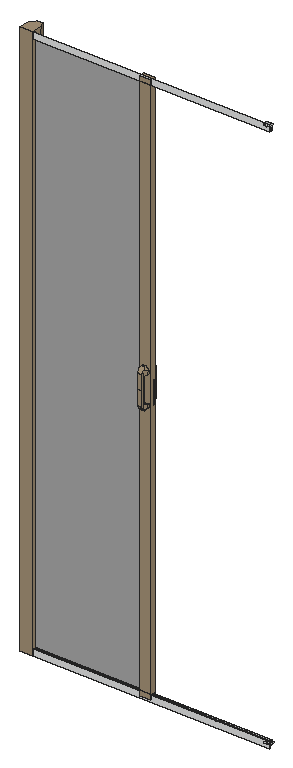
Revit family "Screen_Door_LegacySeries_PhantomScreen-1", category Doors, host Wall, Revit 2024
Family settings
  Host = Wall
  OmniClass Number = 23.30.60.21
  OmniClass Title = Insect Screens
  Always vertical = Yes
  Cut with Voids When Loaded = No
  Shared = No
  Room Calculation Point = No
Parameters (values of type "Type as Specified")
  URL = "http://www.phantomscreens.com/"
  Track Height = 0' - 0.931"
  Track Depth = 0' - 0.511"
  Specification = "http://www.phantomscreens.com/architects-designers/specifications-binder/"
  Slide Bar Width = 0' - 1.732"
  Slide Bar Depth = 0' - 0.866"
  Slide Bar = Dark Knotty Pine
  Sill Height = 0' - 1"
  Sill Depth = 0' - 1.54384"
  Sill [instance] = no
  Screen Thickness = 0' - 0 1/32"
  Screen = Phifer 20/20 Insect Mesh – Gray
  Sales Information = "http://www.phantomscreens.com/support/"
  Revision = "R1_08-2016"
  Product Properties = "http://www.phantomscreens.com/drive/uploads/2015/03/Legacy-Door-Design-Spec-Assembled-View.pdf"
  Product Data = "http://www.arcat.com/arcatcos/cos9540/arc40535.html"
  Percent Open [instance] = 50
  Model = "Legacy Series"
  Manufacturer Website = "http://www.phantomscreens.com/"
  Manufacturer Phone - Toll Free = ""
  Manufacturer Phone = "604-855-3654"
  Manufacturer Fax = "604-855-7834"
  Manufacturer Address = "30451 Simpson Rd.; Abbotsford; BC; Canada V2T 6C7"
  Manufacturer = "Phantom Screens"
  Keynote = "08 11 00"
  Installation-Fabrication = "http://www.phantomscreens.com/architects-designers/options/"
  Housing Width = 0' - 1 7/8"
  Housing Depth = 0' - 2 49/64"
  Handle Width = 0' - 1.266"
  Handle Height = 0' - 6.031"
  Handle Depth = 0' - 0 109/128"
  Function = Interior
  Height [instance] = 7' - 0"
  Wall Closure = By host
  Width [instance] = 3' - 0"
  Drawn By = "Sumex Design - Robert S Weygant"
  Door Opening [instance] = Width * (Percent Open / 100)  # 1' - 6"
  Description = "Phantom Screens Legacy Series Screen"
  Copyright = "� 2016 ARCAT Inc."
  Construction Details = "http://www.arcat.com/details/phantoms/95prod3445.html"
  Assembly Code = "B2020400"
  Aluminum Track = Aluminum - Flat
  Aluminum Housing = Dark Knotty Pine
Reference planes (in)
  plane 1 "Center (Front/Back)": y = 0
  plane 2 "Center (Left/Right)": x = -7.25
  plane 3 "Top": z = 84
  plane 4 "Exterior": y = 2.96884
  plane 5 "Interior": y = -3.03116
  plane 6: x = -27.125
  plane 7: z = 84.931
  plane 8: z = 0.931
  plane 9: y = 3.47984
  plane 10: y = 3.83484
  plane 11: y = 3.44859
  plane 12: x = -8.982
  plane 13 "Track Bar": x = -7.25
  plane 14: x = -25.25
  plane 15: y = 3.41734
  plane 16: y = 4.71756
  plane 17: x = 10.75
  plane 18: z = 1
  plane 19: y = 3.29405
  plane 20: y = 1.425
  plane 21: z = 42.5
  plane 22: z = 45.5155
  plane 23: z = 39.4845
  plane 24 "Handle Placement": x = -8.24596
  plane 25: x = 9.96875
  plane 26: y = 3.55502
  plane 27: y = 2.96884
  plane 28: y = 3.375
  plane 29: y = 5.48446
Forms (in)
  Extrusion 1, solid, material "Dark Knotty Pine" <- "Aluminum Housing"
    sketch origin (0, 0, 0) x (1, 0, 0) y (0, 1, 0)
      loop
        line (-27.125, 2.96884) -> (-25.25, 2.96884) -> (-25.25, 4.6231) -> (-25.74731, 5.48446) -> (-26.1875, 5.48446) -> (-26.66701, 5.48446) -> (-27.125, 4.6231) -> (-27.125, 2.96884)
    from 0 to 84.931
  Extrusion 2, solid, material "Dark Knotty Pine" <- "Slide Bar"
    sketch origin (0, 0, 0) x (1, 0, 0) y (0, 1, 0)
      loop
        line (-8.982, 3.83484) -> (-8.982, 2.96884) -> (-7.25, 2.96884) -> (-7.25, 3.64791) -> (-7.47277, 3.83484) -> (-8.982, 3.83484)
    from 1 to 84
  Extrusion 3, solid, material "Phifer 20/20 Insect Mesh – Gray" <- "Screen"
    sketch origin (0, 0, 0) x (1, 0, 0) y (0, 1, 0)
      loop
        line (-25.25, 3.44859) -> (-25.25, 3.41734) -> (-8.982, 3.41734) -> (-8.982, 3.44859) -> (-25.25, 3.44859)
    from 0.931 to 84
  Extrusion 4, solid, material "Aluminum - Flat" <- "Aluminum Track", visible <- "Sill"
    sketch origin (-7.25, 0, 0) x (0, 1, 0) y (0, 0, 1)
      loop
        line (1.44844, 1) -> (1.44844, 0.931) -> (2.91584, 0.86535) -> (2.91584, 0) -> (3.44078, 0) -> (3.44078, 0.08471) -> (2.99228, 0.08471) -> (2.99228, 0.931) -> (1.44844, 1)
    from -18 to 18
  Extrusion 5, solid, material "Aluminum - Flat"
    sketch origin (-7.25, 0, 0) x (0, 1, 0) y (0, 0, 1)
      loop
        line (3.47984, 84) -> (3.47984, 84.6095) -> (3.09384, 84.6095) -> (3.09384, 84.931) -> (2.96884, 84.931) -> (2.96884, 84) -> (3.09384, 84) -> (3.09384, 84.488) -> (3.35484, 84.488) -> (3.35484, 84) -> (3.47984, 84)
    from -18 to 18
  Extrusion 6, solid, material "Aluminum - Flat"
    sketch origin (-7.25, 0, 0) x (0, 1, 0) y (0, 0, 1)
      loop
        line (3.47984, 0.931) -> (3.35484, 0.931) -> (3.35484, 0.4365) -> (3.09384, 0.4365) -> (3.09384, 0.931) -> (2.96884, 0.931) -> (2.96884, 0) -> (3.09384, 0) -> (3.09384, 0.315) -> (3.47984, 0.315) -> (3.47984, 0.931)
    from -18 to 18
Text (in)
  text "Exterior" at (-62.02911, 27.31104, 0), in view "Ref. Level"
  text "Interior" at (-62.02911, -25.14366, 0), in view "Ref. Level"
  text "Exterior" at (0, 40.15149, 123.01588), in view "Right"
  text "Interior" at (0, -64.39139, 123.01588), in view "Right"
  text "Interior" at (0, -31.01599, 123.00693), in view "Left"
  text "Exterior" at (0, 54.57065, 123.00693), in view "Left"
Dimensions and locks (in)
  "Height": level to plane 3 "Top"
  "Track Height": plane 3 "Top" to plane 7
  "Track Height": level to plane 8
  "Track Depth": plane 9 to plane 4 "Exterior"
  "Slide Bar Depth": plane 10 to plane 4 "Exterior"
  "Screen Thickness": plane 9 to plane 11
  "Slide Bar Width": plane 12 to plane 13 "Track Bar"
  equal spacing: plane 14, plane 2 "Center (Left/Right)", plane 17
  "Screen Thickness": plane 15 to plane 11
  "Width": plane 14 to plane 17
  "Housing Width": plane 6 to plane 14
  "Door Opening": plane 13 "Track Bar" to plane 17
  "Sill Height": level to plane 18
  "Sill Depth": plane 4 "Exterior" to plane 20
  equal spacing: plane 22, plane 21, plane 23
  "Handle Height": plane 23 to plane 22
  locked: plane 13 "Track Bar" to plane 24 "Handle Placement" at 0.99596
  locked: plane 26 to plane 19 at 0.26097
  locked: plane 29 to host wall at 5.51563
  aligned and locked: plane 4 "Exterior" to host wall
  aligned and locked: plane 5 "Interior" to host wall
  aligned and locked: plane 6 to Extrusion 1 sketch curve
  aligned and locked: Extrusion 1 to level
  aligned and locked: Extrusion 1 to plane 7
  aligned and locked: plane 7 to Extrusion 1
  aligned and locked: plane 10 to Extrusion 2 sketch curve
  aligned and locked: plane 12 to Extrusion 2 sketch curve
  aligned and locked: Extrusion 2 sketch curve to plane 4 "Exterior"
  aligned and locked: Extrusion 2 sketch curve to plane 13 "Track Bar"
  aligned and locked: Extrusion 2 to plane 3 "Top"
  aligned and locked: plane 11 to Extrusion 3 sketch curve
  aligned and locked: Extrusion 3 sketch curve to plane 14
  aligned and locked: plane 15 to Extrusion 3 sketch curve
  aligned and locked: Extrusion 3 sketch curve to plane 12
  aligned and locked: Extrusion 3 to plane 3 "Top"
  aligned and locked: Extrusion 1 sketch curve to plane 4 "Exterior"
  aligned and locked: plane 18 to Extrusion 2
  aligned and locked: plane 24 "Handle Placement" to nested 1
  aligned and locked: Extrusion 2 to plane 10
  aligned and locked: nested 2 to plane 24 "Handle Placement"
  aligned and locked: nested 2 to Extrusion 2
  aligned and locked: nested 1 to plane 22
  aligned and locked: nested 2 to plane 23
  aligned and locked: plane 10 to nested 1
  aligned and locked: plane 3 "Top" to Extrusion 5 sketch curve
  aligned and locked: Extrusion 5 sketch curve to plane 7
  aligned and locked: plane 8 to Extrusion 6 sketch curve  (x2)
  aligned and locked: Extrusion 6 sketch curve to Extrusion 1
  aligned and locked: Extrusion 6 to plane 17
  aligned and locked: Extrusion 5 to plane 17
  aligned and locked: plane 14 to Extrusion 5
  aligned and locked: plane 14 to Extrusion 6
  aligned and locked: Extrusion 4 to plane 17
  aligned and locked: plane 14 to Extrusion 4
  aligned and locked: plane 27 to host wall
  aligned and locked: plane 4 "Exterior" to nested 4
  aligned and locked: nested 4 to Extrusion 6
  aligned and locked: nested 5 to plane 12
  aligned and locked: nested 5 to plane 13 "Track Bar"
  aligned and locked: plane 3 "Top" to nested 5
  aligned and locked: Extrusion 2 to plane 12
  aligned and locked: plane 13 "Track Bar" to Extrusion 2
  aligned and locked: nested 6 to Extrusion 2
  aligned and locked: nested 6 to plane 12
  aligned and locked: nested 6 to plane 10
  aligned and locked: plane 4 "Exterior" to nested 6
  aligned and locked: nested 5 to plane 10
  aligned and locked: plane 4 "Exterior" to nested 5
  aligned and locked: plane 4 "Exterior" to nested 3
  aligned and locked: plane 29 to Extrusion 1  (x2)
Automatic sketch dimensions
  Extrusion 2 sketch curve to plane 9 = 0' - 0.16807"
  Extrusion 2 sketch curve to Extrusion 2 sketch curve = 0' - 0.22277"
  plane 8 to Extrusion 4 sketch curve = 0' - 0"  (x2)
  plane 18 to Extrusion 4 sketch curve = 0' - 0"
  Extrusion 4 sketch curve to level = 0' - 0"
  plane 20 to Extrusion 4 sketch curve = 0' - 0 3/128"
  Extrusion 4 sketch curve to host wall = 0' - 0.053"
  host wall to Extrusion 4 sketch curve = 0' - 0 3/128"
  plane 11 to Extrusion 4 sketch curve = 0' - 0 1/128"
  level to Extrusion 4 sketch curve = 0' - 0.08471"
  plane 8 to Extrusion 4 sketch curve = 0' - 0.06565"
  Extrusion 5 sketch curve to Extrusion 5 sketch curve = 0' - 0 1/8"
  Extrusion 5 sketch curve to Extrusion 5 sketch curve = 0' - 0.1215"
  Extrusion 5 sketch curve to Extrusion 5 sketch curve = 0' - 0.3215"
  Extrusion 5 sketch curve to plane 9 = 0' - 0"
  Extrusion 5 sketch curve to plane 15 = 0' - 0 1/16"
  Extrusion 5 sketch curve to host wall = 0' - 0"
  Extrusion 5 sketch curve to Extrusion 5 sketch curve = 0' - 0"
  Extrusion 6 sketch curve to host wall = 0' - 0"
  Extrusion 6 sketch curve to plane 9 = 0' - 0"
  host wall to Extrusion 6 sketch curve = 0' - 0 1/8"
  Extrusion 6 sketch curve to Extrusion 6 sketch curve = 0' - 0"
  Extrusion 6 sketch curve to plane 15 = 0' - 0 1/16"
  level to Extrusion 6 sketch curve = 0' - 0.315"
  Extrusion 6 sketch curve to Extrusion 6 sketch curve = 0' - 0.1215"
  plane 3 "Top" to Extrusion 5 sketch curve = 0' - 0"
  Extrusion 1 sketch curve to plane 14 = 0' - 0"
  plane 6 to Extrusion 1 sketch curve = 0' - 0 15/16"
  plane 16 to Extrusion 1 sketch curve = 0' - 0.09446"  (x2)
  plane 6 to Extrusion 1 sketch curve = 0' - 0.45799"
  Extrusion 1 sketch curve to Extrusion 1 sketch curve = 0' - 0.44019"
  Extrusion 1 sketch curve to plane 29 = 0' - 0"
Nested families (in)
  nested 1: "Family4" at (-8.24596, 4.26062, 42.5) x (-1, 0, 0) z (0, 0, 1), type "Family4"
    with Width 0' - 1.266", Height 0' - 6.031", Depth 0' - 0 109/128"
  nested 2: "Family4" at (-8.24596, 2.54306, 42.5), type "Family4"
    with Width 0' - 1.266", Height 0' - 6.031", Depth 0' - 0 109/128"
  nested 3: "Track Latch Family" at (10.35937, 3.34384, 84.55481) x (-1, 0, 0) z (0, 0, 1), type "Track Latch Family"
  nested 4: "Lower Track Latch" at (10.35937, 3.33538, 0.4365) x (-1, 0, 0) z (0, 0, 1), type "Lower Track Latch"
  nested 5: "End Caps" at (-8.21484, 3.14023, 84), type "End Caps"
  nested 6: "End Caps" at (-8.21484, 3.14023, 0.25), type "End Caps"
Definition of nested family "Family4"
  Parameters
    Width = 0' - 1 1/2"
    Height = 0' - 6 1/32"
    Handle = none
    Depth = 0' - 1"
    Default Elevation = 0' - 0"
  Reference planes (in)
    plane 1 "Center (Front/Back)": y = 0
    plane 2: z = 0
    plane 3 "Center (Left/Right)": x = 0
    plane 4: y = 0.5
    plane 5: x = 0.75
    plane 6: y = -0.5
    plane 7: x = -0.75
    plane 8: z = 3.01562
    plane 9: z = -3.01563
  Forms (in)
    Extrusion 1, solid, material <- "Handle"
      sketch origin (0, 0, 0) x (0, 1, 0) y (0, 0, 1)
        loop
          line (0.5, 3.01562) -> (0.25, 3.01562) -> (-0.5, 2.26562) -> (-0.5, 0) -> (-0.5, -2.26563) -> (0.25, -3.01563) -> (0.5, -3.01563) -> (0.5, -2.01563) -> (0, -2.01563) -> (-0.17678, -1.83885) -> (-0.17678, 0) -> (-0.17678, 1.83885) -> (0, 2.01562) -> (0.5, 2.01562) -> (0.5, 3.01562)
      from -0.75 to 0.75
    Extrusion 2, void
      sketch origin (0, 0, 0) x (1, 0, 0) y (0, 1, 0)
        loop
          line (-0.75, 0.25) -> (-0.75, -0.5) -> (-0.32322, -0.5) -> (-0.32322, -0.25861) -> (-0.75, 0.25)
        loop
          line (0.32322, -0.25861) -> (0.32322, -0.5) -> (0.75, -0.5) -> (0.75, 0.25) -> (0.32322, -0.25861)
      from -3.01562 to 3.01562
    Extrusion 3, void
      sketch origin (0, 0, 0) x (1, 0, 0) y (0, 0, 1)
        loop
          line (-0.75, 2.51562) -> (-0.25, 3.01562) -> (-0.75, 3.01562) -> (-0.75, 2.51562)
        loop
          line (0.75, 2.51563) -> (0.75, 3.01563) -> (0.25, 3.01563) -> (0.75, 2.51563)
        loop
          line (-0.75, -2.51563) -> (-0.75, -3.01563) -> (-0.25, -3.01563) -> (-0.75, -2.51563)
        loop
          line (0.75, -2.51563) -> (0.25, -3.01563) -> (0.75, -3.01563) -> (0.75, -2.51563)
      from -0.5 to 0.5
  Cuts and joins
    Extrusion 2, Extrusion 3 cuts Extrusion 1
  Dimensions and locks (in)
    equal spacing: plane 7, plane 3 "Center (Left/Right)", plane 5
    equal spacing: plane 6, plane 1 "Center (Front/Back)", plane 4
    "Depth": plane 6 to plane 4
    "Width": plane 7 to plane 5
    equal spacing: plane 8, level, plane 9
    "Height": plane 8 to plane 9
    plane 1 "Center (Front/Back)" to Extrusion 1 = 0' - 0 1/2"
    aligned and locked: plane 2 to level
    aligned and locked: plane 7 to Extrusion 1
    aligned and locked: plane 5 to Extrusion 1
    aligned and locked: Extrusion 2 sketch curve to plane 6
    aligned and locked: plane 6 to Extrusion 2 sketch curve
    aligned and locked: plane 5 to Extrusion 2 sketch curve
    aligned and locked: Extrusion 2 sketch curve to plane 7
    aligned and locked: Extrusion 2 to plane 9
    aligned and locked: plane 8 to Extrusion 2
    aligned and locked: plane 4 to Extrusion 3
    aligned and locked: plane 6 to Extrusion 3
  Automatic sketch dimensions
    Extrusion 1 sketch curve to level = 0' - 0"  (x2)
    Extrusion 1 sketch curve to plane 1 "Center (Front/Back)" = 0' - 0"  (x2)
    Extrusion 1 sketch curve to plane 8 = 0' - 0"
    Extrusion 1 sketch curve to plane 4 = 0' - 0"  (x2)
    plane 1 "Center (Front/Back)" to Extrusion 1 sketch curve = 0' - 0.17678"
    Extrusion 1 sketch curve to Extrusion 1 sketch curve = 0' - 0 1/4"
    Extrusion 1 sketch curve to Extrusion 1 sketch curve = 0' - 1"
    Extrusion 1 sketch curve to Extrusion 1 sketch curve = 0' - 0.17678"  (x2)
    Extrusion 1 sketch curve to plane 8 = 0' - 1.17678"
    Extrusion 1 sketch curve to Extrusion 1 sketch curve = 0' - 0.42678"
    Extrusion 1 sketch curve to plane 9 = 0' - 0"
    Extrusion 1 sketch curve to plane 1 "Center (Front/Back)" = 0' - 0 1/4"
    plane 9 to Extrusion 1 sketch curve = 0' - 0 3/4"
    Extrusion 1 sketch curve to plane 6 = 0' - 0"
    Extrusion 2 sketch curve to plane 3 "Center (Left/Right)" = 0' - 0.32322"
    plane 3 "Center (Left/Right)" to Extrusion 2 sketch curve = 0' - 0.32322"
    plane 1 "Center (Front/Back)" to Extrusion 2 sketch curve = 0' - 0.25861"
    Extrusion 2 sketch curve to plane 1 "Center (Front/Back)" = 0' - 0 1/4"  (x2)
    Extrusion 2 sketch curve to Extrusion 2 sketch curve = 0' - 0.24139"
    plane 7 to Extrusion 3 sketch curve = 0' - 0"  (x2)
    Extrusion 3 sketch curve to plane 8 = 0' - 0"  (x2)
    Extrusion 3 sketch curve to plane 9 = 0' - 0"  (x2)
    Extrusion 3 sketch curve to plane 5 = 0' - 0"  (x2)
    Extrusion 3 sketch curve to plane 3 "Center (Left/Right)" = 0' - 0 1/4"  (x2)
    plane 3 "Center (Left/Right)" to Extrusion 3 sketch curve = 0' - 0 1/4"  (x2)
    plane 9 to Extrusion 3 sketch curve = 0' - 0 1/2"
    Extrusion 3 sketch curve to Extrusion 3 sketch curve = 0' - 0 1/2"
    Extrusion 3 sketch curve to plane 8 = 0' - 0 1/2"  (x2)
Definition of nested family "Track Latch Family"
  Parameters
    Width = 0' - 0 25/32"
    Upper Latch = none
    Default Elevation = 0' - 0"
  Reference planes (in)
    plane 1 "Center (Front/Back)": y = 0
    plane 2: z = 0
    plane 3 "Center (Left/Right)": x = 0
    plane 4: z = 0.34375
    plane 5: x = 0.39063
    plane 6: x = -0.39062
    plane 7: y = 0.375
    plane 8: y = -0.375
  Forms (in)
    Extrusion 1, solid, material <- "Upper Latch"
      sketch origin (0, 0, 0.05469) x (1, 0, 0) y (0, 0, 1)
        loop
          line (-0.39062, 0.28906) -> (-0.39062, 0) -> (0.01899, 0) -> (0.01899, -0.0619) -> (0.39063, 0) -> (0.39063, 0.28906) -> (-0.39062, 0.28906)
      from -0.375 to 0.375
    Extrusion 2, void
      sketch origin (0, 0, 0) x (0, 1, 0) y (0, 0, 1)
        loop
          arc (-0.375, 0.09707) -> (-0.2114, 0.25673) -> (0, 0.34375) r 0.60095
          line (0, 0.34375) -> (-0.375, 0.34375) -> (-0.375, 0.09707)
      from -0.39062 to 0.39062
    Extrusion 3, void
      sketch origin (0, 0, 0) x (1, 0, 0) y (0, 0, 1)
        loop
          line (-0.32812, 0.34375) -> (-0.32812, 0.13527) -> (-0.07812, 0.13527) -> (-0.07812, 0.34375) -> (-0.32812, 0.34375)
        loop
          line (0.0373, 0.34375) -> (0.0373, 0.13527) -> (0.28915, 0.13527) -> (0.28915, 0.34375) -> (0.0373, 0.34375)
      from -0.28879 to 0.375
  Cuts and joins
    Extrusion 2, Extrusion 3 cuts Extrusion 1
  Dimensions and locks (in)
    equal spacing: plane 5, plane 3 "Center (Left/Right)", plane 6
    "Width": plane 5 to plane 6
    equal spacing: plane 7, plane 1 "Center (Front/Back)", plane 8
    plane 7 to plane 8 = 0' - 0 3/4"
    aligned and locked: plane 2 to level
    aligned and locked: plane 7 to Extrusion 1
    aligned and locked: Extrusion 1 to plane 8
    aligned and locked: Extrusion 2 to plane 6
    aligned and locked: plane 5 to Extrusion 2
    aligned and locked: Extrusion 1 to Extrusion 3
  Automatic sketch dimensions
    Extrusion 1 sketch curve to plane 6 = 0' - 0"
    level to Extrusion 1 sketch curve = 0' - 0 7/128"  (x2)
    Extrusion 1 sketch curve to plane 5 = 0' - 0"
    plane 3 "Center (Left/Right)" to Extrusion 1 sketch curve = 0' - 0.01899"
    plane 4 to Extrusion 1 sketch curve = 0' - 0"
    Extrusion 1 sketch curve to level = 0' - 0.00721"
    Extrusion 2 sketch curve to plane 8 = 0' - 0"
    Extrusion 2 sketch curve to plane 1 "Center (Front/Back)" = 0' - 0"
    Extrusion 2 sketch curve to plane 4 = 0' - 0"
    Extrusion 2 sketch curve to plane 1 "Center (Front/Back)" = 0' - 0.11887"
    level to Extrusion 2 sketch curve = 0' - 0.09707"
    Extrusion 3 sketch curve to plane 4 = 0' - 0"  (x2)
    plane 6 to Extrusion 3 sketch curve = 0' - 0 1/16"
    Extrusion 3 sketch curve to plane 3 "Center (Left/Right)" = 0' - 0 5/64"
    plane 3 "Center (Left/Right)" to Extrusion 3 sketch curve = 0' - 0.0373"
    Extrusion 3 sketch curve to plane 5 = 0' - 0.10148"
    level to Extrusion 3 sketch curve = 0' - 0.13527"
    Extrusion 3 sketch curve to Extrusion 3 sketch curve = 0' - 0"
Definition of nested family "Lower Track Latch"
  Parameters
    Lower Latch = none
    Default Elevation = 0' - 0"
  Reference planes (in)
    plane 1 "Center (Front/Back)": y = 0
    plane 2: z = 0
    plane 3 "Center (Left/Right)": x = 0
    plane 4: z = 0.31094
    plane 5: x = -0.42075
    plane 6: x = 0.43863
    plane 7: y = -0.36654
    plane 8: y = 0.36654
  Forms (in)
    Extrusion 1, solid, material <- "Lower Latch"
      sketch origin (0, 0, 0) x (1, 0, 0) y (0, 0, 1)
        loop
          line (-0.42075, 0) -> (0.43863, 0) -> (0.43863, 0.12882) -> (0, 0.31094) -> (0, 0.12882) -> (-0.42075, 0.12882) -> (-0.42075, 0)
      from -0.36654 to 0.36654
  Dimensions and locks (in)
    plane 6 to plane 5 = 0' - 0 55/64"
    plane 6 to plane 3 "Center (Left/Right)" to plane 5 = 0' - 0.43863", 0' - 0.42075"
    plane 8 to plane 7 = 0' - 0.73308"
    equal spacing: plane 8, plane 1 "Center (Front/Back)", plane 7
    aligned and locked: plane 2 to level
    aligned and locked: Extrusion 1 to plane 3 "Center (Left/Right)"
    aligned and locked: Extrusion 1 to plane 5
    aligned and locked: plane 6 to Extrusion 1
    aligned and locked: Extrusion 1 to level
    aligned and locked: Extrusion 1 to plane 8
    aligned and locked: plane 7 to Extrusion 1
  Automatic sketch dimensions
    Extrusion 1 sketch curve to plane 5 = 0' - 0"
    Extrusion 1 sketch curve to plane 3 "Center (Left/Right)" = 0' - 0"
    Extrusion 1 sketch curve to plane 6 = 0' - 0"
    Extrusion 1 sketch curve to level = 0' - 0"
    Extrusion 1 sketch curve to plane 4 = 0' - 0"
    level to Extrusion 1 sketch curve = 0' - 0.12882"  (x2)
Definition of nested family "End Caps"
  Parameters
    End Caps = none
    Default Elevation = 0' - 0"
  Reference planes (in)
    plane 1 "Center (Front/Back)": y = 0
    plane 2: z = 0
    plane 3 "Center (Left/Right)": x = 0
    plane 4: y = 0.6946
    plane 5: x = 0.96484
    plane 6: y = -0.1714
    plane 7: x = -0.76716
    plane 8: z = 0.75
  Forms (in)
    Extrusion 1, solid, material <- "End Caps"
      sketch origin (0, 0, 0) x (1, 0, 0) y (0, 1, 0)
        loop
          line (-0.76716, 0.6946) -> (-0.76716, -0.1714) -> (0.96484, -0.1714) -> (0.96484, 0.47651) -> (0.70493, 0.6946) -> (-0.76716, 0.6946)
      from 0 to 0.75
  Lines and regions (in)
    model lines
      curve 1: line (-0.76716, 0.6946, 0) -> (0.70493, 0.6946, 0)
      curve 2: line (-0.76716, -0.1714, 0) -> (-0.76716, 0.6946, 0)
      curve 3: line (0.96484, -0.1714, 0) -> (-0.76716, -0.1714, 0)
      curve 4: line (0.96484, 0.47651, 0) -> (0.96484, -0.1714, 0)
      curve 5: line (0.96484, 0.47651, 0) -> (0.70493, 0.6946, 0)
  Dimensions and locks (in)
    aligned and locked: plane 2 to level
    aligned and locked: plane 8 to Extrusion 1
